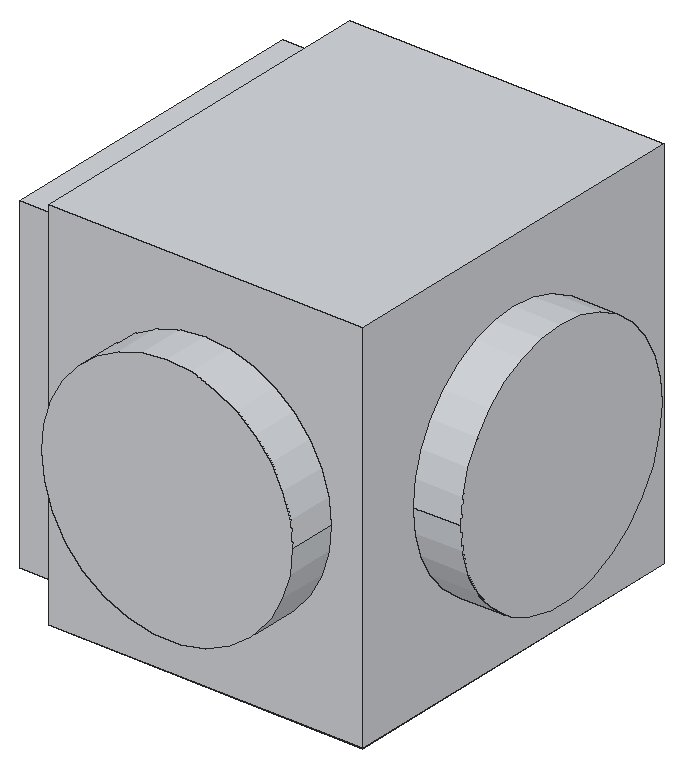
Revit family "M_Plenum de saída VAV - Y", category Conexões de duto, Revit 2019
Family settings
  Cota do conector redondo = Usar raio
  Tipo de parte = Tê
  Número OmniClass = 23.75.70.11.14.24
  Título OmniClass = Air Mixers
  ID de item do Seek = VAV Outlet Plenum - Wye-0000-CAN-ENU
  Com base no plano de trabalho = Não
  Sempre na vertical = Sim
  Corte com vazios quando carregada = Não
  Compartilhado = Não
Parameters (values of type "Padrão")
  Raio de saída do ar de fornecimento = Diâmetro de saída do ar de fornecimento / 2  # 100 mm
  Diâmetro de saída do ar de fornecimento = 200 mm
  Largura da entrada de ar de fornecimento = 261.9 mm
  Altura da entrada de ar de fornecimento = 261.9 mm
  Perda específica [instance] = 2.49 Pa
  Largura do plenum = Largura da entrada de ar de fornecimento + 38.1 mm  # 300 mm
  Comprimento do plenum = 250 mm
  Altura do plenum = Altura da entrada de ar de fornecimento + 38.1 mm  # 300 mm
  Espessura de revestimento = 0 mm
  Raio da saída de ar de fornecimento revestido = Raio de saída do ar de fornecimento - Espessura de revestimento * 2  # 100 mm
  Largura da entrada do ar de fornecimento revestido = Largura da entrada de ar de fornecimento - Espessura de revestimento * 2  # 261.9 mm
  Altura da entrada de ar do fornecimento revestido = Altura da entrada de ar de fornecimento - Espessura de revestimento * 2  # 261.9 mm
  Largura do plenum revestido = Largura do plenum - Espessura de revestimento * 2  # 300 mm
  Comprimento do plenum revestido = Comprimento do plenum - Espessura de revestimento * 2  # 250 mm
  Altura do plenum revestido = Altura do plenum - Espessura de revestimento * 2  # 300 mm
  Espessura do isolamento = 0 mm
  Raio da saída de ar do fornecimento de isolamento = Raio de saída do ar de fornecimento + Espessura do isolamento * 2  # 100 mm
  Largura da entrada de ar do fornecimento de isolamento = Largura da entrada de ar de fornecimento + Espessura do isolamento * 2  # 261.9 mm
  Altura da entrada de ar do fornecimento de isolamento = Altura da entrada de ar de fornecimento + Espessura do isolamento * 2  # 261.9 mm
  Largura do plenum do isolamento = Largura do plenum + Espessura do isolamento * 2  # 300 mm
  Comprimento do plenum do isolamento = Comprimento do plenum + Espessura do isolamento * 2  # 250 mm
  Altura do plenum do isolamento = Altura do plenum + Espessura do isolamento * 2  # 300 mm
Reference planes
  plane 1 "Centro (Frente/Trás)": y = 0
  plane 2: z = 0
  plane 3 "Centro (Esquerda/Direita)": x = 0
  plane 4: x = 125
  plane 5: x = -125
  plane 6: y = 150
  plane 7: y = -150
  plane 8: z = 150
  plane 9: z = -150
  plane 10: x = -163.1
  plane 11: x = 163.1
  plane 12: y = 130.95
  plane 13: y = -130.95
  plane 14: z = 130.95
  plane 15: z = -130.95
  plane 16: x = 125
  plane 17: x = -125
  plane 18: x = 125
  plane 19: x = -125
  plane 20: y = 150
  plane 21: y = -150
  plane 22: y = 150
  plane 23: y = -150
  plane 24: z = 150
  plane 25: z = -150
  plane 26: z = 150
  plane 27: z = -150
  plane 28: z = 130.95
  plane 29: z = -130.95
  plane 30: z = 130.95
  plane 31: z = -130.95
  plane 32: y = 130.95
  plane 33: y = -130.95
  plane 34: y = -130.95
  plane 35: y = 130.95
  plane 36: y = -188.1
Forms (mm)
  Extrusion 1, solid
    sketch origin (0, 0, 0) x (1, 0, 0) y (0, 0, 1)
      loop
        line (-125, 150) -> (-125, -150) -> (125, -150) -> (125, 150) -> (-125, 150)
    from -150 to 150
  Extrusion 2, solid
    sketch origin (0, 0, 0) x (0, 1, 0) y (0, 0, 1)
      loop
        line (130.95, 130.95) -> (-130.95, 130.95) -> (-130.95, -130.95) -> (130.95, -130.95) -> (130.95, 130.95)
    from -163.1 to -125
  Extrusion 3, solid
    sketch origin (0, 0, 0) x (1, 0, 0) y (0, 0, 1)
      loop
        circle (0, 0) r 100
    from 188.1 to 150
  Extrusion 4, solid
    sketch origin (0, 0, 0) x (0, 1, 0) y (0, 0, 1)
      loop
        circle (0, 0) r 100
    from 125 to 163.1
  Extrusion 5, solid
    sketch origin (0, 0, 0) x (1, 0, 0) y (0, 1, 0)
      loop
        line (-125, 150) -> (-125, -150) -> (125, -150) -> (125, 150) -> (-125, 150)
    from -150 to 150
  Extrusion 6, solid
    sketch origin (0, 0, 0) x (1, 0, 0) y (0, 1, 0)
      loop
        line (-125, 150) -> (-125, -150) -> (125, -150) -> (125, 150) -> (-125, 150)
    from -150 to 150
  Extrusion 7, solid
    sketch origin (0, 0, 0) x (0, 1, 0) y (0, 0, 1)
      loop
        line (130.95, 130.95) -> (-130.95, 130.95) -> (-130.95, -130.95) -> (130.95, -130.95) -> (130.95, 130.95)
    from -163.1 to -125
  Extrusion 8, solid
    sketch origin (0, 0, 0) x (0, 1, 0) y (0, 0, 1)
      loop
        line (130.95, 130.95) -> (-130.95, 130.95) -> (-130.95, -130.95) -> (130.95, -130.95) -> (130.95, 130.95)
    from -163.1 to -125
  Extrusion 9, solid
    sketch origin (0, 0, 0) x (0, 1, 0) y (0, 0, 1)
      loop
        circle (0, 0) r 100
    from 125 to 163.1
  Extrusion 10, solid
    sketch origin (0, 0, 0) x (0, 1, 0) y (0, 0, 1)
      loop
        circle (0, 0) r 100
    from 125 to 163.1
  Extrusion 11, solid
    sketch origin (0, 0, 0) x (1, 0, 0) y (0, 0, 1)
      loop
        circle (0, 0) r 100
    from 150 to 188.1
  Extrusion 12, solid
    sketch origin (0, 0, 0) x (1, 0, 0) y (0, 0, 1)
      loop
        circle (0, 0) r 100
    from 150 to 188.1
Dimensions and locks
  equal spacing: plane 5, plane 3 "Centro (Esquerda/Direita)", plane 4
  "Comprimento do plenum": plane 5 to plane 4
  equal spacing: plane 7, plane 1 "Centro (Frente/Trás)", plane 6
  "Largura do plenum": plane 7 to plane 6
  equal spacing: plane 8, plane 2, plane 9
  "Altura do plenum": plane 8 to plane 9
  locked: plane 10 to plane 5 at 38.1
  locked: plane 4 to plane 11 at 38.1
  equal spacing: plane 12, plane 1 "Centro (Frente/Trás)", plane 13
  "Largura da entrada de ar de fornecimento": plane 12 to plane 13
  equal spacing: plane 14, plane 2, plane 15
  "Altura da entrada de ar de fornecimento": plane 14 to plane 15
  equal spacing: plane 17, plane 3 "Centro (Esquerda/Direita)", plane 16
  "Comprimento do plenum revestido": plane 17 to plane 16
  equal spacing: plane 19, plane 3 "Centro (Esquerda/Direita)", plane 18
  "Comprimento do plenum do isolamento": plane 19 to plane 18
  equal spacing: plane 21, plane 1 "Centro (Frente/Trás)", plane 20
  "Largura do plenum revestido": plane 21 to plane 20
  equal spacing: plane 23, plane 1 "Centro (Frente/Trás)", plane 22
  "Largura do plenum do isolamento": plane 23 to plane 22
  equal spacing: plane 24, plane 2, plane 25
  "Altura do plenum revestido": plane 24 to plane 25
  equal spacing: plane 26, plane 2, plane 27
  "Altura do plenum do isolamento": plane 26 to plane 27
  equal spacing: plane 28, plane 2, plane 29
  "Altura da entrada de ar do fornecimento revestido": plane 28 to plane 29
  equal spacing: plane 31, plane 2, plane 30
  "Altura da entrada de ar do fornecimento de isolamento": plane 30 to plane 31
  equal spacing: plane 32, plane 1 "Centro (Frente/Trás)", plane 33
  "Largura da entrada do ar de fornecimento revestido": plane 32 to plane 33
  equal spacing: plane 35, plane 1 "Centro (Frente/Trás)", plane 34
  "Largura da entrada de ar do fornecimento de isolamento": plane 35 to plane 34
  locked: plane 7 to plane 36 at 38.1
  "Raio de saída do ar de fornecimento": radius of Extrusion 3 sketch curve
  "Raio de saída do ar de fornecimento": radius of Extrusion 4 sketch curve
  "Raio da saída de ar do fornecimento de isolamento": radius of Extrusion 9 sketch curve
  "Raio da saída de ar de fornecimento revestido": radius of Extrusion 10 sketch curve
  "Raio da saída de ar do fornecimento de isolamento": radius of Extrusion 11 sketch curve
  "Raio da saída de ar de fornecimento revestido": radius of Extrusion 12 sketch curve
  aligned and locked: plane 5 to Extrusion 1 sketch curve
  aligned and locked: Extrusion 1 sketch curve to plane 8
  aligned and locked: plane 9 to Extrusion 1 sketch curve
  aligned and locked: Extrusion 1 sketch curve to plane 4
  aligned and locked: Extrusion 1 to plane 6
  aligned and locked: Extrusion 1 to plane 7
  aligned and locked: plane 12 to Extrusion 2 sketch curve
  aligned and locked: plane 14 to Extrusion 2 sketch curve
  aligned and locked: plane 15 to Extrusion 2 sketch curve
  aligned and locked: Extrusion 2 sketch curve to plane 13
  aligned and locked: plane 10 to Extrusion 2
  aligned and locked: Extrusion 2 to plane 5
  aligned and locked: plane 3 "Centro (Esquerda/Direita)" to Extrusion 3 sketch curve
  aligned and locked: plane 2 to Extrusion 3 sketch curve
  aligned and locked: plane 1 "Centro (Frente/Trás)" to Extrusion 4 sketch curve
  aligned and locked: plane 2 to Extrusion 4 sketch curve
  aligned and locked: Extrusion 4 to plane 4
  aligned and locked: plane 11 to Extrusion 4
  aligned and locked: plane 19 to Extrusion 5 sketch curve
  aligned and locked: plane 22 to Extrusion 5 sketch curve
  aligned and locked: plane 23 to Extrusion 5 sketch curve
  aligned and locked: Extrusion 5 sketch curve to plane 18
  aligned and locked: plane 17 to Extrusion 6 sketch curve
  aligned and locked: plane 20 to Extrusion 6 sketch curve
  aligned and locked: plane 21 to Extrusion 6 sketch curve
  aligned and locked: Extrusion 6 sketch curve to plane 16
  aligned and locked: plane 24 to Extrusion 6
  aligned and locked: plane 25 to Extrusion 6
  aligned and locked: plane 26 to Extrusion 5
  aligned and locked: plane 27 to Extrusion 5
  aligned and locked: Extrusion 7 sketch curve to plane 30
  aligned and locked: Extrusion 7 sketch curve to plane 31
  aligned and locked: Extrusion 7 sketch curve to plane 35
  aligned and locked: Extrusion 7 sketch curve to plane 34
  aligned and locked: Extrusion 8 sketch curve to plane 28
  aligned and locked: Extrusion 8 sketch curve to plane 29
  aligned and locked: plane 32 to Extrusion 8 sketch curve
  aligned and locked: plane 33 to Extrusion 8 sketch curve
  aligned and locked: Extrusion 7 to plane 5
  aligned and locked: plane 1 "Centro (Frente/Trás)" to Extrusion 9 sketch curve
  aligned and locked: plane 2 to Extrusion 9 sketch curve
  aligned and locked: plane 1 "Centro (Frente/Trás)" to Extrusion 10 sketch curve
  aligned and locked: plane 2 to Extrusion 10 sketch curve
  aligned and locked: Extrusion 9 to plane 4
  aligned and locked: plane 11 to Extrusion 9
  aligned and locked: plane 11 to Extrusion 10
  aligned and locked: plane 3 "Centro (Esquerda/Direita)" to Extrusion 11 sketch curve
  aligned and locked: plane 2 to Extrusion 11 sketch curve
  aligned and locked: plane 3 "Centro (Esquerda/Direita)" to Extrusion 12 sketch curve
  aligned and locked: plane 2 to Extrusion 12 sketch curve
  aligned and locked: plane 10 to Extrusion 7
  aligned and locked: plane 10 to Extrusion 8
  aligned and locked: Extrusion 11 to plane 7
  aligned and locked: Extrusion 11 to plane 36
  aligned and locked: Extrusion 3 to plane 7
  aligned and locked: Extrusion 3 to plane 36
  aligned and locked: Extrusion 12 to plane 36
  aligned and locked: Extrusion 8 to plane 17
  aligned and locked: Extrusion 10 to plane 16
  aligned and locked: plane 21 to Extrusion 12
Connectors
  hvac at (-163.1, 0, 0), driven by "Altura da entrada de ar de fornecimento", driven by "Largura da entrada do ar de fornecimento revestido"
    settings: on Extrusion 2, index 1, duct flow 0.0 L/s, flow factor 0, pres drop 0.0 Pa, loss coef 0, conn angle 0.00°, conn width 261.9 mm, conn height 261.9 mm, conn diameter 609.6 mm, duct sys type 28, conn prof type 1, flow config 0, flow direction 0, loss method 0, conn ref index -1, conn util no, is conn primary yes, conn desc ""
  hvac at (163.1, 0, 0), driven by "Raio de saída do ar de fornecimento"
    settings: on Extrusion 4, index 2, duct flow 0.0 L/s, flow factor 0, pres drop 0.0 Pa, loss coef 0, conn angle 0.00°, conn width 304.8 mm, conn height 304.8 mm, conn diameter 200 mm, duct sys type 28, conn prof type 0, flow config 0, flow direction 0, loss method 0, conn ref index -1, conn util no, is conn primary no, conn desc ""
  hvac at (0, -188.1, 0), driven by "Raio de saída do ar de fornecimento"
    settings: on Extrusion 3, index 3, duct flow 0.0 L/s, flow factor 0, pres drop 0.0 Pa, loss coef 0, conn angle 0.00°, conn width 304.8 mm, conn height 304.8 mm, conn diameter 200 mm, duct sys type 28, conn prof type 0, flow config 0, flow direction 0, loss method 0, conn ref index -1, conn util no, is conn primary no, conn desc ""
Types in the file's own list only (151): name | Raio de saída do ar de fornecimento | Diâmetro de saída do ar de fornecimento | Largura da entrada de ar de fornecimento | Altura da entrada de ar de fornecimento | Largura do plenum | Comprimento do plenum | Altura do plenum | Raio da saída de ar de fornecimento revestido | Largura da entrada do ar de fornecimento revestido | Altura da entrada de ar do fornecimento revestido | Largura do plenum revestido | Comprimento do plenum revestido | Altura do plenum revestido | Raio da saída de ar do fornecimento de isolamento | Largura da entrada de ar do fornecimento de isolamento | Altura da entrada de ar do fornecimento de isolamento | Largura do plenum do isolamento | Comprimento do plenum do isolamento | Altura do plenum do isolamento
  250x250-125 | 63 mm | 125 mm | 250 mm | 250 mm | 288 mm | 250 mm | 288 mm | 63 mm | 250 mm | 250 mm | 288 mm | 250 mm | 288 mm | 63 mm | 250 mm | 250 mm | 288 mm | 250 mm | 288 mm
  250x250-150 | 75 mm | 150 mm | 250 mm | 250 mm | 288 mm | 250 mm | 288 mm | 75 mm | 250 mm | 250 mm | 288 mm | 250 mm | 288 mm | 75 mm | 250 mm | 250 mm | 288 mm | 250 mm | 288 mm
  250x250-200 | 100 mm | 200 mm | 250 mm | 250 mm | 288 mm | 250 mm | 288 mm | 100 mm | 250 mm | 250 mm | 288 mm | 250 mm | 288 mm | 100 mm | 250 mm | 250 mm | 288 mm | 250 mm | 288 mm
  300x250-125 | 63 mm | 125 mm | 300 mm | 250 mm | 338 mm | 250 mm | 288 mm | 63 mm | 300 mm | 250 mm | 338 mm | 250 mm | 288 mm | 63 mm | 300 mm | 250 mm | 338 mm | 250 mm | 288 mm
  300x250-150 | 75 mm | 150 mm | 300 mm | 250 mm | 338 mm | 250 mm | 288 mm | 75 mm | 300 mm | 250 mm | 338 mm | 250 mm | 288 mm | 75 mm | 300 mm | 250 mm | 338 mm | 250 mm | 288 mm
  300x250-200 | 100 mm | 200 mm | 300 mm | 250 mm | 338 mm | 250 mm | 288 mm | 100 mm | 300 mm | 250 mm | 338 mm | 250 mm | 288 mm | 100 mm | 300 mm | 250 mm | 338 mm | 250 mm | 288 mm
  350x250-125 | 63 mm | 125 mm | 350 mm | 250 mm | 388 mm | 250 mm | 288 mm | 63 mm | 350 mm | 250 mm | 388 mm | 250 mm | 288 mm | 63 mm | 350 mm | 250 mm | 388 mm | 250 mm | 288 mm
  350x250-150 | 75 mm | 150 mm | 350 mm | 250 mm | 388 mm | 250 mm | 288 mm | 75 mm | 350 mm | 250 mm | 388 mm | 250 mm | 288 mm | 75 mm | 350 mm | 250 mm | 388 mm | 250 mm | 288 mm
  350x250-200 | 100 mm | 200 mm | 350 mm | 250 mm | 388 mm | 250 mm | 288 mm | 100 mm | 350 mm | 250 mm | 388 mm | 250 mm | 288 mm | 100 mm | 350 mm | 250 mm | 388 mm | 250 mm | 288 mm
  400x250-125 | 63 mm | 125 mm | 400 mm | 250 mm | 438 mm | 250 mm | 288 mm | 63 mm | 400 mm | 250 mm | 438 mm | 250 mm | 288 mm | 63 mm | 400 mm | 250 mm | 438 mm | 250 mm | 288 mm
  400x250-150 | 75 mm | 150 mm | 400 mm | 250 mm | 438 mm | 250 mm | 288 mm | 75 mm | 400 mm | 250 mm | 438 mm | 250 mm | 288 mm | 75 mm | 400 mm | 250 mm | 438 mm | 250 mm | 288 mm
  400x250-200 | 100 mm | 200 mm | 400 mm | 250 mm | 438 mm | 250 mm | 288 mm | 100 mm | 400 mm | 250 mm | 438 mm | 250 mm | 288 mm | 100 mm | 400 mm | 250 mm | 438 mm | 250 mm | 288 mm
  450x250-125 | 63 mm | 125 mm | 450 mm | 250 mm | 488 mm | 250 mm | 288 mm | 63 mm | 450 mm | 250 mm | 488 mm | 250 mm | 288 mm | 63 mm | 450 mm | 250 mm | 488 mm | 250 mm | 288 mm
  450x250-150 | 75 mm | 150 mm | 450 mm | 250 mm | 488 mm | 250 mm | 288 mm | 75 mm | 450 mm | 250 mm | 488 mm | 250 mm | 288 mm | 75 mm | 450 mm | 250 mm | 488 mm | 250 mm | 288 mm
  450x250-200 | 100 mm | 200 mm | 450 mm | 250 mm | 488 mm | 250 mm | 288 mm | 100 mm | 450 mm | 250 mm | 488 mm | 250 mm | 288 mm | 100 mm | 450 mm | 250 mm | 488 mm | 250 mm | 288 mm
  500x250-150 | 75 mm | 150 mm | 500 mm | 250 mm | 538 mm | 250 mm | 288 mm | 75 mm | 500 mm | 250 mm | 538 mm | 250 mm | 288 mm | 75 mm | 500 mm | 250 mm | 538 mm | 250 mm | 288 mm
  500x250-200 | 100 mm | 200 mm | 500 mm | 250 mm | 538 mm | 250 mm | 288 mm | 100 mm | 500 mm | 250 mm | 538 mm | 250 mm | 288 mm | 100 mm | 500 mm | 250 mm | 538 mm | 250 mm | 288 mm
  550x250-150 | 75 mm | 150 mm | 550 mm | 250 mm | 588 mm | 250 mm | 288 mm | 75 mm | 550 mm | 250 mm | 588 mm | 250 mm | 288 mm | 75 mm | 550 mm | 250 mm | 588 mm | 250 mm | 288 mm
  550x250-200 | 100 mm | 200 mm | 550 mm | 250 mm | 588 mm | 250 mm | 288 mm | 100 mm | 550 mm | 250 mm | 588 mm | 250 mm | 288 mm | 100 mm | 550 mm | 250 mm | 588 mm | 250 mm | 288 mm
  300x300-150 | 75 mm | 150 mm | 300 mm | 300 mm | 338 mm | 300 mm | 338 mm | 75 mm | 300 mm | 300 mm | 338 mm | 300 mm | 338 mm | 75 mm | 300 mm | 300 mm | 338 mm | 300 mm | 338 mm
  350x300-200 | 100 mm | 200 mm | 350 mm | 300 mm | 388 mm | 300 mm | 338 mm | 100 mm | 350 mm | 300 mm | 388 mm | 300 mm | 338 mm | 100 mm | 350 mm | 300 mm | 388 mm | 300 mm | 338 mm
  350x300-250 | 125 mm | 250 mm | 350 mm | 300 mm | 388 mm | 300 mm | 338 mm | 125 mm | 350 mm | 300 mm | 388 mm | 300 mm | 338 mm | 125 mm | 350 mm | 300 mm | 388 mm | 300 mm | 338 mm
  350x300-150 | 75 mm | 150 mm | 350 mm | 300 mm | 388 mm | 300 mm | 338 mm | 75 mm | 350 mm | 300 mm | 388 mm | 300 mm | 338 mm | 75 mm | 350 mm | 300 mm | 388 mm | 300 mm | 338 mm
  400x300-150 | 75 mm | 150 mm | 400 mm | 300 mm | 438 mm | 300 mm | 338 mm | 75 mm | 400 mm | 300 mm | 438 mm | 300 mm | 338 mm | 75 mm | 400 mm | 300 mm | 438 mm | 300 mm | 338 mm
  400x300-200 | 100 mm | 200 mm | 400 mm | 300 mm | 438 mm | 300 mm | 338 mm | 100 mm | 400 mm | 300 mm | 438 mm | 300 mm | 338 mm | 100 mm | 400 mm | 300 mm | 438 mm | 300 mm | 338 mm
  400x300-250 | 125 mm | 250 mm | 400 mm | 300 mm | 438 mm | 300 mm | 338 mm | 125 mm | 400 mm | 300 mm | 438 mm | 300 mm | 338 mm | 125 mm | 400 mm | 300 mm | 438 mm | 300 mm | 338 mm
  450x300-200 | 100 mm | 200 mm | 450 mm | 300 mm | 488 mm | 300 mm | 338 mm | 100 mm | 450 mm | 300 mm | 488 mm | 300 mm | 338 mm | 100 mm | 450 mm | 300 mm | 488 mm | 300 mm | 338 mm
  450x300-250 | 125 mm | 250 mm | 450 mm | 300 mm | 488 mm | 300 mm | 338 mm | 125 mm | 450 mm | 300 mm | 488 mm | 300 mm | 338 mm | 125 mm | 450 mm | 300 mm | 488 mm | 300 mm | 338 mm
  500x300-200 | 100 mm | 200 mm | 500 mm | 300 mm | 538 mm | 300 mm | 338 mm | 100 mm | 500 mm | 300 mm | 538 mm | 300 mm | 338 mm | 100 mm | 500 mm | 300 mm | 538 mm | 300 mm | 338 mm
  500x300-250 | 125 mm | 250 mm | 500 mm | 300 mm | 538 mm | 300 mm | 338 mm | 125 mm | 500 mm | 300 mm | 538 mm | 300 mm | 338 mm | 125 mm | 500 mm | 300 mm | 538 mm | 300 mm | 338 mm
  550x300-200 | 100 mm | 200 mm | 550 mm | 300 mm | 588 mm | 300 mm | 338 mm | 100 mm | 550 mm | 300 mm | 588 mm | 300 mm | 338 mm | 100 mm | 550 mm | 300 mm | 588 mm | 300 mm | 338 mm
  550x300-250 | 125 mm | 250 mm | 550 mm | 300 mm | 588 mm | 300 mm | 338 mm | 125 mm | 550 mm | 300 mm | 588 mm | 300 mm | 338 mm | 125 mm | 550 mm | 300 mm | 588 mm | 300 mm | 338 mm
  600x300-250 | 125 mm | 250 mm | 600 mm | 300 mm | 638 mm | 300 mm | 338 mm | 125 mm | 600 mm | 300 mm | 638 mm | 300 mm | 338 mm | 125 mm | 600 mm | 300 mm | 638 mm | 300 mm | 338 mm
  700x300-250 | 125 mm | 250 mm | 700 mm | 300 mm | 738 mm | 300 mm | 338 mm | 125 mm | 700 mm | 300 mm | 738 mm | 300 mm | 338 mm | 125 mm | 700 mm | 300 mm | 738 mm | 300 mm | 338 mm
  250x350-200 | 100 mm | 200 mm | 250 mm | 350 mm | 288 mm | 350 mm | 388 mm | 100 mm | 250 mm | 350 mm | 288 mm | 350 mm | 388 mm | 100 mm | 250 mm | 350 mm | 288 mm | 350 mm | 388 mm
  250x350-250 | 125 mm | 250 mm | 250 mm | 350 mm | 288 mm | 350 mm | 388 mm | 125 mm | 250 mm | 350 mm | 288 mm | 350 mm | 388 mm | 125 mm | 250 mm | 350 mm | 288 mm | 350 mm | 388 mm
  250x350-300 | 150 mm | 300 mm | 250 mm | 350 mm | 288 mm | 350 mm | 388 mm | 150 mm | 250 mm | 350 mm | 288 mm | 350 mm | 388 mm | 150 mm | 250 mm | 350 mm | 288 mm | 350 mm | 388 mm
  300x350-200 | 100 mm | 200 mm | 300 mm | 350 mm | 338 mm | 350 mm | 388 mm | 100 mm | 300 mm | 350 mm | 338 mm | 350 mm | 388 mm | 100 mm | 300 mm | 350 mm | 338 mm | 350 mm | 388 mm
  300x350-250 | 125 mm | 250 mm | 300 mm | 350 mm | 338 mm | 350 mm | 388 mm | 125 mm | 300 mm | 350 mm | 338 mm | 350 mm | 388 mm | 125 mm | 300 mm | 350 mm | 338 mm | 350 mm | 388 mm
  300x350-300 | 150 mm | 300 mm | 300 mm | 350 mm | 338 mm | 350 mm | 388 mm | 150 mm | 300 mm | 350 mm | 338 mm | 350 mm | 388 mm | 150 mm | 300 mm | 350 mm | 338 mm | 350 mm | 388 mm
  350x350-200 | 100 mm | 200 mm | 350 mm | 350 mm | 388 mm | 350 mm | 388 mm | 100 mm | 350 mm | 350 mm | 388 mm | 350 mm | 388 mm | 100 mm | 350 mm | 350 mm | 388 mm | 350 mm | 388 mm
  350x350-250 | 125 mm | 250 mm | 350 mm | 350 mm | 388 mm | 350 mm | 388 mm | 125 mm | 350 mm | 350 mm | 388 mm | 350 mm | 388 mm | 125 mm | 350 mm | 350 mm | 388 mm | 350 mm | 388 mm
  350x350-300 | 150 mm | 300 mm | 350 mm | 350 mm | 388 mm | 350 mm | 388 mm | 150 mm | 350 mm | 350 mm | 388 mm | 350 mm | 388 mm | 150 mm | 350 mm | 350 mm | 388 mm | 350 mm | 388 mm
  400x350-200 | 100 mm | 200 mm | 400 mm | 350 mm | 438 mm | 350 mm | 388 mm | 100 mm | 400 mm | 350 mm | 438 mm | 350 mm | 388 mm | 100 mm | 400 mm | 350 mm | 438 mm | 350 mm | 388 mm
  400x350-250 | 125 mm | 250 mm | 400 mm | 350 mm | 438 mm | 350 mm | 388 mm | 125 mm | 400 mm | 350 mm | 438 mm | 350 mm | 388 mm | 125 mm | 400 mm | 350 mm | 438 mm | 350 mm | 388 mm
  400x350-300 | 150 mm | 300 mm | 400 mm | 350 mm | 438 mm | 350 mm | 388 mm | 150 mm | 400 mm | 350 mm | 438 mm | 350 mm | 388 mm | 150 mm | 400 mm | 350 mm | 438 mm | 350 mm | 388 mm
  450x350-200 | 100 mm | 200 mm | 450 mm | 350 mm | 488 mm | 350 mm | 388 mm | 100 mm | 450 mm | 350 mm | 488 mm | 350 mm | 388 mm | 100 mm | 450 mm | 350 mm | 488 mm | 350 mm | 388 mm
  450x350-250 | 125 mm | 250 mm | 450 mm | 350 mm | 488 mm | 350 mm | 388 mm | 125 mm | 450 mm | 350 mm | 488 mm | 350 mm | 388 mm | 125 mm | 450 mm | 350 mm | 488 mm | 350 mm | 388 mm
  450x350-300 | 150 mm | 300 mm | 450 mm | 350 mm | 488 mm | 350 mm | 388 mm | 150 mm | 450 mm | 350 mm | 488 mm | 350 mm | 388 mm | 150 mm | 450 mm | 350 mm | 488 mm | 350 mm | 388 mm
  500x350-200 | 100 mm | 200 mm | 500 mm | 350 mm | 538 mm | 350 mm | 388 mm | 100 mm | 500 mm | 350 mm | 538 mm | 350 mm | 388 mm | 100 mm | 500 mm | 350 mm | 538 mm | 350 mm | 388 mm
  500x350-250 | 125 mm | 250 mm | 500 mm | 350 mm | 538 mm | 350 mm | 388 mm | 125 mm | 500 mm | 350 mm | 538 mm | 350 mm | 388 mm | 125 mm | 500 mm | 350 mm | 538 mm | 350 mm | 388 mm
  500x350-300 | 150 mm | 300 mm | 500 mm | 350 mm | 538 mm | 350 mm | 388 mm | 150 mm | 500 mm | 350 mm | 538 mm | 350 mm | 388 mm | 150 mm | 500 mm | 350 mm | 538 mm | 350 mm | 388 mm
  550x350-200 | 100 mm | 200 mm | 550 mm | 350 mm | 588 mm | 350 mm | 388 mm | 100 mm | 550 mm | 350 mm | 588 mm | 350 mm | 388 mm | 100 mm | 550 mm | 350 mm | 588 mm | 350 mm | 388 mm
  550x350-250 | 125 mm | 250 mm | 550 mm | 350 mm | 588 mm | 350 mm | 388 mm | 125 mm | 550 mm | 350 mm | 588 mm | 350 mm | 388 mm | 125 mm | 550 mm | 350 mm | 588 mm | 350 mm | 388 mm
  550x350-300 | 150 mm | 300 mm | 550 mm | 350 mm | 588 mm | 350 mm | 388 mm | 150 mm | 550 mm | 350 mm | 588 mm | 350 mm | 388 mm | 150 mm | 550 mm | 350 mm | 588 mm | 350 mm | 388 mm
  600x350-250 | 125 mm | 250 mm | 600 mm | 350 mm | 638 mm | 350 mm | 388 mm | 125 mm | 600 mm | 350 mm | 638 mm | 350 mm | 388 mm | 125 mm | 600 mm | 350 mm | 638 mm | 350 mm | 388 mm
  600x350-300 | 150 mm | 300 mm | 600 mm | 350 mm | 638 mm | 350 mm | 388 mm | 150 mm | 600 mm | 350 mm | 638 mm | 350 mm | 388 mm | 150 mm | 600 mm | 350 mm | 638 mm | 350 mm | 388 mm
  650x350-250 | 125 mm | 250 mm | 650 mm | 350 mm | 688 mm | 350 mm | 388 mm | 125 mm | 650 mm | 350 mm | 688 mm | 350 mm | 388 mm | 125 mm | 650 mm | 350 mm | 688 mm | 350 mm | 388 mm
  650x350-300 | 150 mm | 300 mm | 650 mm | 350 mm | 688 mm | 350 mm | 388 mm | 150 mm | 650 mm | 350 mm | 688 mm | 350 mm | 388 mm | 150 mm | 650 mm | 350 mm | 688 mm | 350 mm | 388 mm
  700x350-250 | 125 mm | 250 mm | 700 mm | 350 mm | 738 mm | 350 mm | 388 mm | 125 mm | 700 mm | 350 mm | 738 mm | 350 mm | 388 mm | 125 mm | 700 mm | 350 mm | 738 mm | 350 mm | 388 mm
  700x350-300 | 150 mm | 300 mm | 700 mm | 350 mm | 738 mm | 350 mm | 388 mm | 150 mm | 700 mm | 350 mm | 738 mm | 350 mm | 388 mm | 150 mm | 700 mm | 350 mm | 738 mm | 350 mm | 388 mm
  750x350-300 | 150 mm | 300 mm | 750 mm | 350 mm | 788 mm | 350 mm | 388 mm | 150 mm | 750 mm | 350 mm | 788 mm | 350 mm | 388 mm | 150 mm | 750 mm | 350 mm | 788 mm | 350 mm | 388 mm
  800x350-300 | 150 mm | 300 mm | 800 mm | 350 mm | 838 mm | 350 mm | 388 mm | 150 mm | 800 mm | 350 mm | 838 mm | 350 mm | 388 mm | 150 mm | 800 mm | 350 mm | 838 mm | 350 mm | 388 mm
  850x350-300 | 150 mm | 300 mm | 850 mm | 350 mm | 888 mm | 350 mm | 388 mm | 150 mm | 850 mm | 350 mm | 888 mm | 350 mm | 388 mm | 150 mm | 850 mm | 350 mm | 888 mm | 350 mm | 388 mm
  300x400-250 | 125 mm | 250 mm | 300 mm | 400 mm | 338 mm | 400 mm | 438 mm | 125 mm | 300 mm | 400 mm | 338 mm | 400 mm | 438 mm | 125 mm | 300 mm | 400 mm | 338 mm | 400 mm | 438 mm
  350x400-250 | 125 mm | 250 mm | 350 mm | 400 mm | 388 mm | 400 mm | 438 mm | 125 mm | 350 mm | 400 mm | 388 mm | 400 mm | 438 mm | 125 mm | 350 mm | 400 mm | 388 mm | 400 mm | 438 mm
  350x400-300 | 150 mm | 300 mm | 350 mm | 400 mm | 388 mm | 400 mm | 438 mm | 150 mm | 350 mm | 400 mm | 388 mm | 400 mm | 438 mm | 150 mm | 350 mm | 400 mm | 388 mm | 400 mm | 438 mm
  400x400-250 | 125 mm | 250 mm | 400 mm | 400 mm | 438 mm | 400 mm | 438 mm | 125 mm | 400 mm | 400 mm | 438 mm | 400 mm | 438 mm | 125 mm | 400 mm | 400 mm | 438 mm | 400 mm | 438 mm
  400x400-300 | 150 mm | 300 mm | 400 mm | 400 mm | 438 mm | 400 mm | 438 mm | 150 mm | 400 mm | 400 mm | 438 mm | 400 mm | 438 mm | 150 mm | 400 mm | 400 mm | 438 mm | 400 mm | 438 mm
  400x400-350 | 175 mm | 350 mm | 400 mm | 400 mm | 438 mm | 400 mm | 438 mm | 175 mm | 400 mm | 400 mm | 438 mm | 400 mm | 438 mm | 175 mm | 400 mm | 400 mm | 438 mm | 400 mm | 438 mm
  450x400-250 | 125 mm | 250 mm | 450 mm | 400 mm | 488 mm | 400 mm | 438 mm | 125 mm | 450 mm | 400 mm | 488 mm | 400 mm | 438 mm | 125 mm | 450 mm | 400 mm | 488 mm | 400 mm | 438 mm
  450x400-300 | 150 mm | 300 mm | 450 mm | 400 mm | 488 mm | 400 mm | 438 mm | 150 mm | 450 mm | 400 mm | 488 mm | 400 mm | 438 mm | 150 mm | 450 mm | 400 mm | 488 mm | 400 mm | 438 mm
  450x400-350 | 175 mm | 350 mm | 450 mm | 400 mm | 488 mm | 400 mm | 438 mm | 175 mm | 450 mm | 400 mm | 488 mm | 400 mm | 438 mm | 175 mm | 450 mm | 400 mm | 488 mm | 400 mm | 438 mm
  500x400-250 | 125 mm | 250 mm | 500 mm | 400 mm | 538 mm | 400 mm | 438 mm | 125 mm | 500 mm | 400 mm | 538 mm | 400 mm | 438 mm | 125 mm | 500 mm | 400 mm | 538 mm | 400 mm | 438 mm
  500x400-300 | 150 mm | 300 mm | 500 mm | 400 mm | 538 mm | 400 mm | 438 mm | 150 mm | 500 mm | 400 mm | 538 mm | 400 mm | 438 mm | 150 mm | 500 mm | 400 mm | 538 mm | 400 mm | 438 mm
  500x400-350 | 175 mm | 350 mm | 500 mm | 400 mm | 538 mm | 400 mm | 438 mm | 175 mm | 500 mm | 400 mm | 538 mm | 400 mm | 438 mm | 175 mm | 500 mm | 400 mm | 538 mm | 400 mm | 438 mm
  550x400-250 | 125 mm | 250 mm | 550 mm | 400 mm | 588 mm | 400 mm | 438 mm | 125 mm | 550 mm | 400 mm | 588 mm | 400 mm | 438 mm | 125 mm | 550 mm | 400 mm | 588 mm | 400 mm | 438 mm
  550x400-300 | 150 mm | 300 mm | 550 mm | 400 mm | 588 mm | 400 mm | 438 mm | 150 mm | 550 mm | 400 mm | 588 mm | 400 mm | 438 mm | 150 mm | 550 mm | 400 mm | 588 mm | 400 mm | 438 mm
  550x400-350 | 175 mm | 350 mm | 550 mm | 400 mm | 588 mm | 400 mm | 438 mm | 175 mm | 550 mm | 400 mm | 588 mm | 400 mm | 438 mm | 175 mm | 550 mm | 400 mm | 588 mm | 400 mm | 438 mm
  600x400-250 | 125 mm | 250 mm | 600 mm | 400 mm | 638 mm | 400 mm | 438 mm | 125 mm | 600 mm | 400 mm | 638 mm | 400 mm | 438 mm | 125 mm | 600 mm | 400 mm | 638 mm | 400 mm | 438 mm
  600x400-300 | 150 mm | 300 mm | 600 mm | 400 mm | 638 mm | 400 mm | 438 mm | 150 mm | 600 mm | 400 mm | 638 mm | 400 mm | 438 mm | 150 mm | 600 mm | 400 mm | 638 mm | 400 mm | 438 mm
  600x400-350 | 175 mm | 350 mm | 600 mm | 400 mm | 638 mm | 400 mm | 438 mm | 175 mm | 600 mm | 400 mm | 638 mm | 400 mm | 438 mm | 175 mm | 600 mm | 400 mm | 638 mm | 400 mm | 438 mm
  650x400-250 | 125 mm | 250 mm | 650 mm | 400 mm | 688 mm | 400 mm | 438 mm | 125 mm | 650 mm | 400 mm | 688 mm | 400 mm | 438 mm | 125 mm | 650 mm | 400 mm | 688 mm | 400 mm | 438 mm
  650x400-300 | 150 mm | 300 mm | 650 mm | 400 mm | 688 mm | 400 mm | 438 mm | 150 mm | 650 mm | 400 mm | 688 mm | 400 mm | 438 mm | 150 mm | 650 mm | 400 mm | 688 mm | 400 mm | 438 mm
  650x400-350 | 175 mm | 350 mm | 650 mm | 400 mm | 688 mm | 400 mm | 438 mm | 175 mm | 650 mm | 400 mm | 688 mm | 400 mm | 438 mm | 175 mm | 650 mm | 400 mm | 688 mm | 400 mm | 438 mm
  700x400-250 | 125 mm | 250 mm | 700 mm | 400 mm | 738 mm | 400 mm | 438 mm | 125 mm | 700 mm | 400 mm | 738 mm | 400 mm | 438 mm | 125 mm | 700 mm | 400 mm | 738 mm | 400 mm | 438 mm
  700x400-300 | 150 mm | 300 mm | 700 mm | 400 mm | 738 mm | 400 mm | 438 mm | 150 mm | 700 mm | 400 mm | 738 mm | 400 mm | 438 mm | 150 mm | 700 mm | 400 mm | 738 mm | 400 mm | 438 mm
  700x400-350 | 175 mm | 350 mm | 700 mm | 400 mm | 738 mm | 400 mm | 438 mm | 175 mm | 700 mm | 400 mm | 738 mm | 400 mm | 438 mm | 175 mm | 700 mm | 400 mm | 738 mm | 400 mm | 438 mm
  750x400-350 | 175 mm | 350 mm | 750 mm | 400 mm | 788 mm | 400 mm | 438 mm | 175 mm | 750 mm | 400 mm | 788 mm | 400 mm | 438 mm | 175 mm | 750 mm | 400 mm | 788 mm | 400 mm | 438 mm
  800x400-300 | 150 mm | 300 mm | 800 mm | 400 mm | 838 mm | 400 mm | 438 mm | 150 mm | 800 mm | 400 mm | 838 mm | 400 mm | 438 mm | 150 mm | 800 mm | 400 mm | 838 mm | 400 mm | 438 mm
  800x400-350 | 175 mm | 350 mm | 800 mm | 400 mm | 838 mm | 400 mm | 438 mm | 175 mm | 800 mm | 400 mm | 838 mm | 400 mm | 438 mm | 175 mm | 800 mm | 400 mm | 838 mm | 400 mm | 438 mm
  850x400-300 | 150 mm | 300 mm | 850 mm | 400 mm | 888 mm | 400 mm | 438 mm | 150 mm | 850 mm | 400 mm | 888 mm | 400 mm | 438 mm | 150 mm | 850 mm | 400 mm | 888 mm | 400 mm | 438 mm
  850x400-350 | 175 mm | 350 mm | 850 mm | 400 mm | 888 mm | 400 mm | 438 mm | 175 mm | 850 mm | 400 mm | 888 mm | 400 mm | 438 mm | 175 mm | 850 mm | 400 mm | 888 mm | 400 mm | 438 mm
  900x400-350 | 175 mm | 350 mm | 900 mm | 400 mm | 938 mm | 400 mm | 438 mm | 175 mm | 900 mm | 400 mm | 938 mm | 400 mm | 438 mm | 175 mm | 900 mm | 400 mm | 938 mm | 400 mm | 438 mm
  950x400-350 | 175 mm | 350 mm | 950 mm | 400 mm | 988 mm | 400 mm | 438 mm | 175 mm | 950 mm | 400 mm | 988 mm | 400 mm | 438 mm | 175 mm | 950 mm | 400 mm | 988 mm | 400 mm | 438 mm
  1000x400-350 | 175 mm | 350 mm | 1000 mm | 400 mm | 1038 mm | 400 mm | 438 mm | 175 mm | 1000 mm | 400 mm | 1038 mm | 400 mm | 438 mm | 175 mm | 1000 mm | 400 mm | 1038 mm | 400 mm | 438 mm
  300x450-300 | 150 mm | 300 mm | 300 mm | 450 mm | 338 mm | 450 mm | 488 mm | 150 mm | 300 mm | 450 mm | 338 mm | 450 mm | 488 mm | 150 mm | 300 mm | 450 mm | 338 mm | 450 mm | 488 mm
  350x450-300 | 150 mm | 300 mm | 350 mm | 450 mm | 388 mm | 450 mm | 488 mm | 150 mm | 350 mm | 450 mm | 388 mm | 450 mm | 488 mm | 150 mm | 350 mm | 450 mm | 388 mm | 450 mm | 488 mm
  350x450-350 | 175 mm | 350 mm | 350 mm | 450 mm | 388 mm | 450 mm | 488 mm | 175 mm | 350 mm | 450 mm | 388 mm | 450 mm | 488 mm | 175 mm | 350 mm | 450 mm | 388 mm | 450 mm | 488 mm
  400x450-300 | 150 mm | 300 mm | 400 mm | 450 mm | 438 mm | 450 mm | 488 mm | 150 mm | 400 mm | 450 mm | 438 mm | 450 mm | 488 mm | 150 mm | 400 mm | 450 mm | 438 mm | 450 mm | 488 mm
  400x450-350 | 175 mm | 350 mm | 400 mm | 450 mm | 438 mm | 450 mm | 488 mm | 175 mm | 400 mm | 450 mm | 438 mm | 450 mm | 488 mm | 175 mm | 400 mm | 450 mm | 438 mm | 450 mm | 488 mm
  400x450-400 | 200 mm | 400 mm | 400 mm | 450 mm | 438 mm | 450 mm | 488 mm | 200 mm | 400 mm | 450 mm | 438 mm | 450 mm | 488 mm | 200 mm | 400 mm | 450 mm | 438 mm | 450 mm | 488 mm
  450x450-300 | 150 mm | 300 mm | 450 mm | 450 mm | 488 mm | 450 mm | 488 mm | 150 mm | 450 mm | 450 mm | 488 mm | 450 mm | 488 mm | 150 mm | 450 mm | 450 mm | 488 mm | 450 mm | 488 mm
  450x450-350 | 175 mm | 350 mm | 450 mm | 450 mm | 488 mm | 450 mm | 488 mm | 175 mm | 450 mm | 450 mm | 488 mm | 450 mm | 488 mm | 175 mm | 450 mm | 450 mm | 488 mm | 450 mm | 488 mm
  450x450-400 | 200 mm | 400 mm | 450 mm | 450 mm | 488 mm | 450 mm | 488 mm | 200 mm | 450 mm | 450 mm | 488 mm | 450 mm | 488 mm | 200 mm | 450 mm | 450 mm | 488 mm | 450 mm | 488 mm
  450x450-450 | 225 mm | 450 mm | 450 mm | 450 mm | 488 mm | 450 mm | 488 mm | 225 mm | 450 mm | 450 mm | 488 mm | 450 mm | 488 mm | 225 mm | 450 mm | 450 mm | 488 mm | 450 mm | 488 mm
  500x450-300 | 150 mm | 300 mm | 500 mm | 450 mm | 538 mm | 450 mm | 488 mm | 150 mm | 500 mm | 450 mm | 538 mm | 450 mm | 488 mm | 150 mm | 500 mm | 450 mm | 538 mm | 450 mm | 488 mm
  500x450-350 | 175 mm | 350 mm | 500 mm | 450 mm | 538 mm | 450 mm | 488 mm | 175 mm | 500 mm | 450 mm | 538 mm | 450 mm | 488 mm | 175 mm | 500 mm | 450 mm | 538 mm | 450 mm | 488 mm
  500x450-400 | 200 mm | 400 mm | 500 mm | 450 mm | 538 mm | 450 mm | 488 mm | 200 mm | 500 mm | 450 mm | 538 mm | 450 mm | 488 mm | 200 mm | 500 mm | 450 mm | 538 mm | 450 mm | 488 mm
  500x450-450 | 225 mm | 450 mm | 500 mm | 450 mm | 538 mm | 450 mm | 488 mm | 225 mm | 500 mm | 450 mm | 538 mm | 450 mm | 488 mm | 225 mm | 500 mm | 450 mm | 538 mm | 450 mm | 488 mm
  550x450-300 | 150 mm | 300 mm | 550 mm | 450 mm | 588 mm | 450 mm | 488 mm | 150 mm | 550 mm | 450 mm | 588 mm | 450 mm | 488 mm | 150 mm | 550 mm | 450 mm | 588 mm | 450 mm | 488 mm
  550x450-350 | 175 mm | 350 mm | 550 mm | 450 mm | 588 mm | 450 mm | 488 mm | 175 mm | 550 mm | 450 mm | 588 mm | 450 mm | 488 mm | 175 mm | 550 mm | 450 mm | 588 mm | 450 mm | 488 mm
  550x450-400 | 200 mm | 400 mm | 550 mm | 450 mm | 588 mm | 450 mm | 488 mm | 200 mm | 550 mm | 450 mm | 588 mm | 450 mm | 488 mm | 200 mm | 550 mm | 450 mm | 588 mm | 450 mm | 488 mm
  550x450-450 | 225 mm | 450 mm | 550 mm | 450 mm | 588 mm | 450 mm | 488 mm | 225 mm | 550 mm | 450 mm | 588 mm | 450 mm | 488 mm | 225 mm | 550 mm | 450 mm | 588 mm | 450 mm | 488 mm
  600x450-300 | 150 mm | 300 mm | 600 mm | 450 mm | 638 mm | 450 mm | 488 mm | 150 mm | 600 mm | 450 mm | 638 mm | 450 mm | 488 mm | 150 mm | 600 mm | 450 mm | 638 mm | 450 mm | 488 mm
  600x450-350 | 175 mm | 350 mm | 600 mm | 450 mm | 638 mm | 450 mm | 488 mm | 175 mm | 600 mm | 450 mm | 638 mm | 450 mm | 488 mm | 175 mm | 600 mm | 450 mm | 638 mm | 450 mm | 488 mm
  600x450-400 | 200 mm | 400 mm | 600 mm | 450 mm | 638 mm | 450 mm | 488 mm | 200 mm | 600 mm | 450 mm | 638 mm | 450 mm | 488 mm | 200 mm | 600 mm | 450 mm | 638 mm | 450 mm | 488 mm
  600x450-450 | 225 mm | 450 mm | 600 mm | 450 mm | 638 mm | 450 mm | 488 mm | 225 mm | 600 mm | 450 mm | 638 mm | 450 mm | 488 mm | 225 mm | 600 mm | 450 mm | 638 mm | 450 mm | 488 mm
  650x450-300 | 150 mm | 300 mm | 650 mm | 450 mm | 688 mm | 450 mm | 488 mm | 150 mm | 650 mm | 450 mm | 688 mm | 450 mm | 488 mm | 150 mm | 650 mm | 450 mm | 688 mm | 450 mm | 488 mm
  650x450-350 | 175 mm | 350 mm | 650 mm | 450 mm | 688 mm | 450 mm | 488 mm | 175 mm | 650 mm | 450 mm | 688 mm | 450 mm | 488 mm | 175 mm | 650 mm | 450 mm | 688 mm | 450 mm | 488 mm
  650x450-400 | 200 mm | 400 mm | 650 mm | 450 mm | 688 mm | 450 mm | 488 mm | 200 mm | 650 mm | 450 mm | 688 mm | 450 mm | 488 mm | 200 mm | 650 mm | 450 mm | 688 mm | 450 mm | 488 mm
  650x450-450 | 225 mm | 450 mm | 650 mm | 450 mm | 688 mm | 450 mm | 488 mm | 225 mm | 650 mm | 450 mm | 688 mm | 450 mm | 488 mm | 225 mm | 650 mm | 450 mm | 688 mm | 450 mm | 488 mm
  700x450-300 | 150 mm | 300 mm | 700 mm | 450 mm | 738 mm | 450 mm | 488 mm | 150 mm | 700 mm | 450 mm | 738 mm | 450 mm | 488 mm | 150 mm | 700 mm | 450 mm | 738 mm | 450 mm | 488 mm
  700x450-350 | 175 mm | 350 mm | 700 mm | 450 mm | 738 mm | 450 mm | 488 mm | 175 mm | 700 mm | 450 mm | 738 mm | 450 mm | 488 mm | 175 mm | 700 mm | 450 mm | 738 mm | 450 mm | 488 mm
  700x450-400 | 200 mm | 400 mm | 700 mm | 450 mm | 738 mm | 450 mm | 488 mm | 200 mm | 700 mm | 450 mm | 738 mm | 450 mm | 488 mm | 200 mm | 700 mm | 450 mm | 738 mm | 450 mm | 488 mm
  700x450-450 | 225 mm | 450 mm | 700 mm | 450 mm | 738 mm | 450 mm | 488 mm | 225 mm | 700 mm | 450 mm | 738 mm | 450 mm | 488 mm | 225 mm | 700 mm | 450 mm | 738 mm | 450 mm | 488 mm
  750x450-300 | 150 mm | 300 mm | 750 mm | 450 mm | 788 mm | 450 mm | 488 mm | 150 mm | 750 mm | 450 mm | 788 mm | 450 mm | 488 mm | 150 mm | 750 mm | 450 mm | 788 mm | 450 mm | 488 mm
  750x450-350 | 175 mm | 350 mm | 750 mm | 450 mm | 788 mm | 450 mm | 488 mm | 175 mm | 750 mm | 450 mm | 788 mm | 450 mm | 488 mm | 175 mm | 750 mm | 450 mm | 788 mm | 450 mm | 488 mm
  750x450-400 | 200 mm | 400 mm | 750 mm | 450 mm | 788 mm | 450 mm | 488 mm | 200 mm | 750 mm | 450 mm | 788 mm | 450 mm | 488 mm | 200 mm | 750 mm | 450 mm | 788 mm | 450 mm | 488 mm
  750x450-450 | 225 mm | 450 mm | 750 mm | 450 mm | 788 mm | 450 mm | 488 mm | 225 mm | 750 mm | 450 mm | 788 mm | 450 mm | 488 mm | 225 mm | 750 mm | 450 mm | 788 mm | 450 mm | 488 mm
  800x450-300 | 150 mm | 300 mm | 800 mm | 450 mm | 838 mm | 450 mm | 488 mm | 150 mm | 800 mm | 450 mm | 838 mm | 450 mm | 488 mm | 150 mm | 800 mm | 450 mm | 838 mm | 450 mm | 488 mm
  800x450-350 | 175 mm | 350 mm | 800 mm | 450 mm | 838 mm | 450 mm | 488 mm | 175 mm | 800 mm | 450 mm | 838 mm | 450 mm | 488 mm | 175 mm | 800 mm | 450 mm | 838 mm | 450 mm | 488 mm
  800x450-400 | 200 mm | 400 mm | 800 mm | 450 mm | 838 mm | 450 mm | 488 mm | 200 mm | 800 mm | 450 mm | 838 mm | 450 mm | 488 mm | 200 mm | 800 mm | 450 mm | 838 mm | 450 mm | 488 mm
  800x450-450 | 225 mm | 450 mm | 800 mm | 450 mm | 838 mm | 450 mm | 488 mm | 225 mm | 800 mm | 450 mm | 838 mm | 450 mm | 488 mm | 225 mm | 800 mm | 450 mm | 838 mm | 450 mm | 488 mm
  850x450-300 | 150 mm | 300 mm | 850 mm | 450 mm | 888 mm | 450 mm | 488 mm | 150 mm | 850 mm | 450 mm | 888 mm | 450 mm | 488 mm | 150 mm | 850 mm | 450 mm | 888 mm | 450 mm | 488 mm
  850x450-350 | 175 mm | 350 mm | 850 mm | 450 mm | 888 mm | 450 mm | 488 mm | 175 mm | 850 mm | 450 mm | 888 mm | 450 mm | 488 mm | 175 mm | 850 mm | 450 mm | 888 mm | 450 mm | 488 mm
  850x450-400 | 200 mm | 400 mm | 850 mm | 450 mm | 888 mm | 450 mm | 488 mm | 200 mm | 850 mm | 450 mm | 888 mm | 450 mm | 488 mm | 200 mm | 850 mm | 450 mm | 888 mm | 450 mm | 488 mm
  850x450-450 | 225 mm | 450 mm | 850 mm | 450 mm | 888 mm | 450 mm | 488 mm | 225 mm | 850 mm | 450 mm | 888 mm | 450 mm | 488 mm | 225 mm | 850 mm | 450 mm | 888 mm | 450 mm | 488 mm
  900x450-350 | 175 mm | 350 mm | 900 mm | 450 mm | 938 mm | 450 mm | 488 mm | 175 mm | 900 mm | 450 mm | 938 mm | 450 mm | 488 mm | 175 mm | 900 mm | 450 mm | 938 mm | 450 mm | 488 mm
  900x450-400 | 200 mm | 400 mm | 900 mm | 450 mm | 938 mm | 450 mm | 488 mm | 200 mm | 900 mm | 450 mm | 938 mm | 450 mm | 488 mm | 200 mm | 900 mm | 450 mm | 938 mm | 450 mm | 488 mm
  900x450-450 | 225 mm | 450 mm | 900 mm | 450 mm | 938 mm | 450 mm | 488 mm | 225 mm | 900 mm | 450 mm | 938 mm | 450 mm | 488 mm | 225 mm | 900 mm | 450 mm | 938 mm | 450 mm | 488 mm
  950x450-350 | 175 mm | 350 mm | 950 mm | 450 mm | 988 mm | 450 mm | 488 mm | 175 mm | 950 mm | 450 mm | 988 mm | 450 mm | 488 mm | 175 mm | 950 mm | 450 mm | 988 mm | 450 mm | 488 mm
  950x450-400 | 200 mm | 400 mm | 950 mm | 450 mm | 988 mm | 450 mm | 488 mm | 200 mm | 950 mm | 450 mm | 988 mm | 450 mm | 488 mm | 200 mm | 950 mm | 450 mm | 988 mm | 450 mm | 488 mm
  950x450-450 | 225 mm | 450 mm | 950 mm | 450 mm | 988 mm | 450 mm | 488 mm | 225 mm | 950 mm | 450 mm | 988 mm | 450 mm | 488 mm | 225 mm | 950 mm | 450 mm | 988 mm | 450 mm | 488 mm
  1000x450-350 | 175 mm | 350 mm | 1000 mm | 450 mm | 1038 mm | 450 mm | 488 mm | 175 mm | 1000 mm | 450 mm | 1038 mm | 450 mm | 488 mm | 175 mm | 1000 mm | 450 mm | 1038 mm | 450 mm | 488 mm
  1000x450-400 | 200 mm | 400 mm | 1000 mm | 450 mm | 1038 mm | 450 mm | 488 mm | 200 mm | 1000 mm | 450 mm | 1038 mm | 450 mm | 488 mm | 200 mm | 1000 mm | 450 mm | 1038 mm | 450 mm | 488 mm
  1000x450-450 | 225 mm | 450 mm | 1000 mm | 450 mm | 1038 mm | 450 mm | 488 mm | 225 mm | 1000 mm | 450 mm | 1038 mm | 450 mm | 488 mm | 225 mm | 1000 mm | 450 mm | 1038 mm | 450 mm | 488 mm
  1050x450-400 | 200 mm | 400 mm | 1050 mm | 450 mm | 1088 mm | 450 mm | 488 mm | 200 mm | 1050 mm | 450 mm | 1088 mm | 450 mm | 488 mm | 200 mm | 1050 mm | 450 mm | 1088 mm | 450 mm | 488 mm
  1050x450-450 | 225 mm | 450 mm | 1050 mm | 450 mm | 1088 mm | 450 mm | 488 mm | 225 mm | 1050 mm | 450 mm | 1088 mm | 450 mm | 488 mm | 225 mm | 1050 mm | 450 mm | 1088 mm | 450 mm | 488 mm
  1100x450-400 | 200 mm | 400 mm | 1100 mm | 450 mm | 1138 mm | 450 mm | 488 mm | 200 mm | 1100 mm | 450 mm | 1138 mm | 450 mm | 488 mm | 200 mm | 1100 mm | 450 mm | 1138 mm | 450 mm | 488 mm
  1100x450-450 | 225 mm | 450 mm | 1100 mm | 450 mm | 1138 mm | 450 mm | 488 mm | 225 mm | 1100 mm | 450 mm | 1138 mm | 450 mm | 488 mm | 225 mm | 1100 mm | 450 mm | 1138 mm | 450 mm | 488 mm
